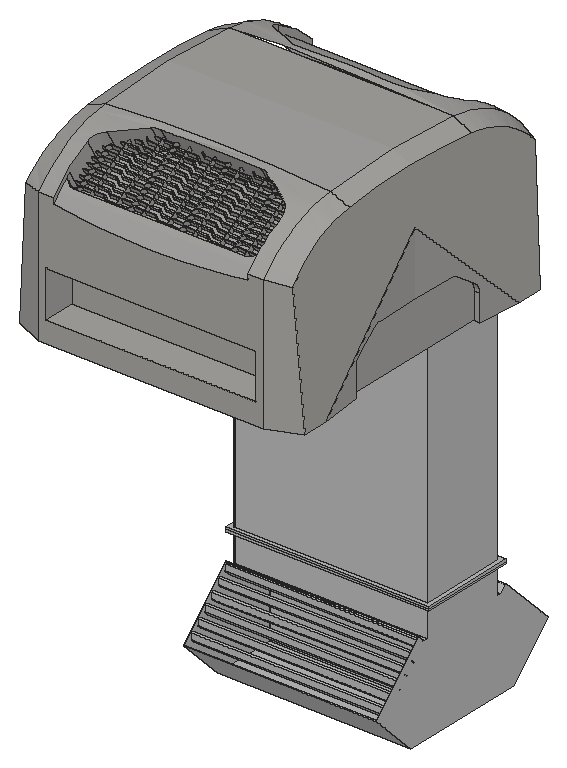
Revit family "OXeN X2-W-1.2-H podstropní_RFA2018", category Mechanical Equipment, host Face, Revit 2018
Family settings
  Host = Face
  Round Connector Dimension = Use Diameter
  Part Type = Normal
  Cut with Voids When Loaded = No
  Shared = No
  Room Calculation Point = No
Parameters (values of type "X2-W-1.2-H")
  Weight of unit filled with water = 73.40 kg
  Weight of unit = 72.60 kg
  Water stream flow in the heat exchanger = 0 L/s
  Water pressure drop in the heat exchanger = 0 kPa
  URL = "www.hydronic.cz"
  Type Comments = "podstropní instalace; výměník PN16; twmax=95°C; regulace vzduchového výkonu - spojitá 0-100%; filtr =EU4; IP42; vertikální neizotermický (dt=5K) dosah pro koncovou rychlost 0,2m/s =max.4,5m"
  Thickness of the ceiling [instance] = 370.00 mm
  Product data = ""
  Power supply = 230 V
  Power ratio = 0.98
  Outlet water temperature (Tw2) = 0 °C
  Outlet air temperature (Tp2) = 0 °C
  Max. current consumption = 1.9 A
  Material = FLOWAIR-EPP-Gray
  Manufacturer = "Hydronic Systems Prague s.r.o."
  Load classification = Motor
  Keynote = ""
  Inlet water temperature (Tw1) = 0 °C
  Inlet air temperature (Tp1) = 0 °C
  Heating capacity = 0 kW
  Distance from the ceiling [instance] = 100.00 mm
  Description = "Bezkanálová větrací jednotka s rekuperací"
  Model = "OXeN X2-W-1.2-H"
  IP = "42"
  Default Elevation = 0.00 mm
  Connection = 1/2"
  Author = ""
  Assembly Code = "30032; podstropní; s teplovodním dohřevem - P=10kW při 80/60/5; (Qmax=1200m3/h při 100% vzduchovém výkonu a dpext=0Pa);"
  Apparent power = Power supply * Max. current consumption  # 437 VA
  Air flow = 1200 m³/h
Reference planes
  plane 1 "Środek (Przód/Tył)": y = 0
  plane 2: z = 0
  plane 3 "Środek (Lewa/Prawa)": x = 0
  plane 4: z = -370
  plane 5: y = 1127.769
  plane 6: z = 100
  plane 7: z = 20
  plane 8: z = -980
Forms (mm)
  Extrusion 1, void
    sketch origin (0, 0, 0) x (0, 1, 0) y (0, 0, 1)
      loop
        line (1332.769, 0) -> (922.769, 0) -> (922.769, -370) -> (1332.769, -370) -> (1332.769, 0)
    from 422.5 to -422.5
Dimensions and locks
  "Thickness of the ceiling": level to plane 4
  "Distance from the ceiling": plane 6 to level
  locked: plane 6 to plane 7 at 80
  locked: plane 8 to plane 7 at 1000
  aligned and locked: plane 2 to host face
  aligned and locked: level to host face
  aligned and locked: Extrusion 1 sketch curve to level
  aligned and locked: plane 4 to Extrusion 1 sketch curve
  aligned and locked: plane 3 "Środek (Lewa/Prawa)" to nested 2
  aligned and locked: nested 2 to plane 5
  aligned and locked: nested 3 to plane 5
  aligned and locked: plane 3 "Środek (Lewa/Prawa)" to nested 3
  aligned and locked: plane 6 to nested 3
  aligned and locked: nested 2 to plane 7
  aligned and locked: nested 4 to plane 8
  aligned and locked: nested 4 to plane 5
  aligned and locked: plane 3 "Środek (Lewa/Prawa)" to nested 4
Automatic sketch dimensions
  host sketch curve to host sketch curve = 2438.40 mm
  host sketch curve to host sketch curve = 1900.00 mm
  Extrusion 1 sketch curve to plane 1 "Środek (Przód/Tył)" = 922.769 mm
  Extrusion 1 sketch curve to Extrusion 1 sketch curve = 410.00 mm
Nested families
  nested 1: "OXeN" at (0, 0, 100), built-in parameter 1001364 <- "Distance from the ceiling", type "OXeN"
  nested 2: "FLOWAIR OxE-H" at (0, 1127.769, -980), type "OxE-H"
  nested 3: "FLOWAIR OxC2-H" at (0, 1127.769, 20), type "OxC2-H"
  nested 4: "FLOWAIR OxS-H" at (0, 1127.769, -980), type "OxS-H"
Connectors
  piping at (495, 239, 353), diameter 12.7, driven by "Connection", driven by "Water stream flow in the heat exchanger", driven by "Water pressure drop in the heat exchanger"
    settings: on nested 1, index 6, connector inside diameter 24", connector length 0.00 mm, flow factor 0, pipe flow 0 L/s, pressure drop 0 kPa, fitting loss kfactor 0, connector angle 0.00°, fixture units 0, engagement length 0.00 mm, angle of deflection 0.00°, flow configuration 1, flow direction 2, fitting loss method 4, system type 8, joint type 0, gender type 0, connector reference index -1, connector utility 0, adjustable connector no, is connector primary no, connector description ""
  piping at (480, 189, 378), diameter 12.7, driven by "Connection", driven by "Water stream flow in the heat exchanger", driven by "Water pressure drop in the heat exchanger"
    settings: on nested 1, index 7, connector inside diameter 24", connector length 0.00 mm, flow factor 0, pipe flow 0 L/s, pressure drop 0 kPa, fitting loss kfactor 0, connector angle 0.00°, fixture units 0, engagement length 0.00 mm, angle of deflection 0.00°, flow configuration 1, flow direction 1, fitting loss method 4, system type 7, joint type 0, gender type 0, connector reference index -1, connector utility 0, adjustable connector no, is connector primary yes, connector description ""
  electrical at (0, 684.634, 100), driven by "Power supply", driven by "Apparent power", driven by "Power ratio", driven by "Load classification"
    settings: on nested 1, index 8, voltage 230 V, apparent load 437 VA, apparent load phase1 0 VA, apparent load phase2 0 VA, apparent load phase3 0 VA, power factor 0.98, load classification "Motor", number of poles 1, system type 30, power factor state 1, is connector primary yes, connector utility no, sub classification motor no, connector description ""
  electrical at (545, 684.634, 241.254)
    settings: on nested 1, index 9, voltage 0 V, apparent load 0 VA, apparent load phase1 0 VA, apparent load phase2 0 VA, apparent load phase3 0 VA, power factor 1, load classification "Inne", number of poles 1, system type 13, power factor state 1, is connector primary no, connector utility no, sub classification motor no, connector description ""
Definition of nested family "OXeN"
  Parameters
    materiał = none
  Reference planes
    plane 1 "Środek (Przód/Tył)": y = 0
    plane 2: z = 0
    plane 3 "Środek (Lewa/Prawa)": x = 0
    plane 4: y = 684.634
    plane 5: through (0, 340, 716.901) normal (0, -0.5, 0.866)
  Forms (mm)
    Sweep 1, solid, material <- "materiał", detail levels fine
      path origin (0, 0, 0) x (0, 1, 0) y (0, 0, 1)
        loop
          line (1369.269, 0) -> (1369.269, 562.087)
          arc (1369.269, 562.087) -> (1205.496, 690.06) -> (1006.547, 750.205) r 565.368
          arc (1006.547, 750.205) -> (684.634, 767.72) -> (362.722, 750.205) r 2966.958
          arc (362.722, 750.205) -> (163.772, 690.06) -> (0, 562.087) r 565.368
          line (0, 562.087) -> (0, 0)
      profile origin (0, 1369.269, 281.043) x (0, -1, 0) y (1, 0, 0)
        loop
          line (20, -465) -> (159.403, -465) -> (159.403, 465) -> (20, 465)
          arc (20, 465) -> (0, 0) -> (20, -465) r 5415.625
    Sweep 2, solid, material <- "materiał", detail levels fine
      path origin (0, 0, 0) x (0, 1, 0) y (0, 0, 1)
        loop
          line (1369.269, 0) -> (1369.269, 514.96)
          arc (1369.269, 514.96) -> (1207.249, 655.027) -> (1003.292, 720.382) r 535.368
          arc (1003.292, 720.382) -> (684.634, 737.72) -> (365.977, 720.382) r 2936.958
          arc (365.977, 720.382) -> (162.02, 655.027) -> (0, 514.96) r 535.368
          line (0, 514.96) -> (0, 0)
      profile origin (0, 1369.269, 257.48) x (0, -1, 0) y (1, 0, 0)
        loop
          line (20, -465) -> (159.403, -465) -> (159.403, 465) -> (20, 465)
          arc (20, 465) -> (0, 0) -> (20, -465) r 5415.625
    Extrusion 3, void
      sketch origin (0, 0, 0) x (1, 0, 0) y (0, 1, 0)
        loop
          arc (207.827, 1029.269) -> (224.356, 1031.476) -> (239.726, 1037.942) r 63
          line (239.726, 1037.942) -> (367.198, 1112.79)
          arc (367.198, 1112.79) -> (392.866, 1138.741) -> (402.248, 1174.016) r 71
          line (402.248, 1174.016) -> (402.248, 1377.626) -> (-402.248, 1377.626) -> (-402.248, 1174.016)
          arc (-402.248, 1174.016) -> (-392.866, 1138.741) -> (-367.198, 1112.79) r 71
          line (-367.198, 1112.79) -> (-239.726, 1037.942)
          arc (-239.726, 1037.942) -> (-224.356, 1031.476) -> (-207.827, 1029.269) r 63
          line (-207.827, 1029.269) -> (207.827, 1029.269)
      from 490.327 to 774.857
    Extrusion 4, solid, material <- "materiał", detail levels fine
      sketch origin (0, 0, 0) x (0, 1, 0) y (0, 0, 1)
        loop
          arc (1209.866, 455.203) -> (1106.984, 527.552) -> (985.997, 561.92) r 375.966
          arc (985.997, 561.92) -> (684.634, 578.317) -> (383.272, 561.92) r 2777.556
          arc (383.272, 561.92) -> (262.285, 527.552) -> (159.403, 455.203) r 375.966
          line (159.403, 455.203) -> (159.403, 0) -> (1209.866, 0) -> (1209.866, 455.203)
      from -465 to 465
    Blend 5, solid, material <- "materiał", detail levels fine
      base sketch origin (0, 0, 0) x (0, 1, 0) y (0, 0, 1)
        loop
          arc (1004.377, 730.323) -> (684.634, 747.72) -> (364.892, 730.323) r 2946.958
          arc (364.892, 730.323) -> (176.315, 674.021) -> (20, 554.451) r 545.368
          line (20, 554.451) -> (20, 0) -> (1349.269, 0) -> (1349.269, 554.451)
          arc (1349.269, 554.451) -> (1192.954, 674.021) -> (1004.377, 730.323) r 545.368
      top sketch origin (0, 0, 0) x (0, 1, 0) y (0, 0, 1)
        loop
          line (1294.269, 0) -> (1294.269, 532.58)
          arc (1294.269, 532.58) -> (1158.681, 629.636) -> (998.409, 675.647) r 490.368
          arc (998.409, 675.647) -> (684.634, 692.72) -> (370.86, 675.647) r 2891.958
          arc (370.86, 675.647) -> (210.588, 629.636) -> (75, 532.58) r 490.368
          line (75, 532.58) -> (75, 0) -> (1294.269, 0)
      from 465 to 589
    Blend 6, solid, material <- "materiał", detail levels fine
      base sketch origin (0, 0, 0) x (0, 1, 0) y (0, 0, -1)
        loop
          arc (1004.377, -730.323) -> (1192.954, -674.021) -> (1349.269, -554.451) r 545.368
          line (1349.269, -554.451) -> (1349.269, 0) -> (20, 0) -> (20, -554.451)
          arc (20, -554.451) -> (176.315, -674.021) -> (364.892, -730.323) r 545.368
          arc (364.892, -730.323) -> (684.634, -747.72) -> (1004.377, -730.323) r 2946.958
      top sketch origin (0, 0, 0) x (0, 1, 0) y (0, 0, -1)
        loop
          line (1294.269, 0) -> (75, 0) -> (75, -532.58)
          arc (75, -532.58) -> (210.588, -629.636) -> (370.86, -675.647) r 490.368
          arc (370.86, -675.647) -> (684.634, -692.72) -> (998.409, -675.647) r 2891.958
          arc (998.409, -675.647) -> (1158.681, -629.636) -> (1294.269, -532.58) r 490.368
          line (1294.269, -532.58) -> (1294.269, 0)
      from 465 to 589
    Blend 7, solid, material <- "materiał", detail levels medium
      base sketch origin (0, 0, 0) x (0, 1, 0) y (0, 0, -1)
        loop
          arc (1004.377, -730.323) -> (1192.954, -674.021) -> (1349.269, -554.451) r 545.368
          line (1349.269, -554.451) -> (1349.269, 0) -> (20, 0) -> (20, -554.451)
          arc (20, -554.451) -> (176.315, -674.021) -> (364.892, -730.323) r 545.368
          arc (364.892, -730.323) -> (684.634, -747.72) -> (1004.377, -730.323) r 2946.958
      top sketch origin (0, 0, 0) x (0, 1, 0) y (0, 0, -1)
        loop
          line (1294.269, 0) -> (75, 0) -> (75, -532.58)
          arc (75, -532.58) -> (210.588, -629.636) -> (370.86, -675.647) r 490.368
          arc (370.86, -675.647) -> (684.634, -692.72) -> (998.409, -675.647) r 2891.958
          arc (998.409, -675.647) -> (1158.681, -629.636) -> (1294.269, -532.58) r 490.368
          line (1294.269, -532.58) -> (1294.269, 0)
      from 465 to 589
    Blend 8, solid, material <- "materiał", detail levels medium
      base sketch origin (0, 0, 0) x (0, 1, 0) y (0, 0, 1)
        loop
          arc (1004.377, 730.323) -> (684.634, 747.72) -> (364.892, 730.323) r 2946.958
          arc (364.892, 730.323) -> (176.315, 674.021) -> (20, 554.451) r 545.368
          line (20, 554.451) -> (20, 0) -> (1349.269, 0) -> (1349.269, 554.451)
          arc (1349.269, 554.451) -> (1192.954, 674.021) -> (1004.377, 730.323) r 545.368
      top sketch origin (0, 0, 0) x (0, 1, 0) y (0, 0, 1)
        loop
          line (1294.269, 0) -> (1294.269, 532.58)
          arc (1294.269, 532.58) -> (1158.681, 629.636) -> (998.409, 675.647) r 490.368
          arc (998.409, 675.647) -> (684.634, 692.72) -> (370.86, 675.647) r 2891.958
          arc (370.86, 675.647) -> (210.588, 629.636) -> (75, 532.58) r 490.368
          line (75, 532.58) -> (75, 0) -> (1294.269, 0)
      from 465 to 589
    Extrusion 9, void
      sketch origin (0, 0, 0) x (1, 0, 0) y (0, 0, 1)
        loop
          line (-589, 0) -> (-536.635, 775) -> (-589, 775) -> (-589, 0)
      from 0 to -1374.955
    Extrusion 10, void
      sketch origin (0, 0, 0) x (-1, 0, 0) y (0, 0, -1)
        loop
          line (-589, 0) -> (-589, -775) -> (-536.635, -775) -> (-589, 0)
      from 0 to -1374.955
    Extrusion 11, void
      sketch origin (0, 0, 0) x (1, 0, 0) y (0, 1, 0)
        loop
          arc (-589, 183.209) -> (-556, 684.634) -> (-589, 1186.059) r 3826
          line (-589, 1186.059) -> (-589, 183.209)
      from 0 to 801.676
    Extrusion 12, void
      sketch origin (0, 0, 0) x (-1, 0, 0) y (0, -1, 0)
        loop
          line (-589, -183.209) -> (-589, -1186.059)
          arc (-589, -1186.059) -> (-556, -684.634) -> (-589, -183.209) r 3826
      from 0 to 801.676
    Extrusion 13, void
      sketch origin (0, 0, 0) x (0, 1, 0) y (0, 0, 1)
        loop
          line (362.983, 0) -> (1006.285, 0) -> (1006.285, 108.958)
          arc (1006.285, 108.958) -> (999.442, 136.785) -> (980.474, 158.264) r 60
          line (980.474, 158.264) -> (899.838, 214.177)
          arc (899.838, 214.177) -> (883.561, 222.135) -> (865.65, 224.871) r 60
          line (865.65, 224.871) -> (503.619, 224.871)
          arc (503.619, 224.871) -> (485.708, 222.135) -> (469.43, 214.177) r 60
          line (469.43, 214.177) -> (388.795, 158.264)
          arc (388.795, 158.264) -> (369.826, 136.785) -> (362.983, 108.958) r 60
          line (362.983, 108.958) -> (362.983, 0)
      from -589 to -545
    Extrusion 14, void
      sketch origin (0, 0, 0) x (0, 1, 0) y (0, 0, -1)
        loop
          line (362.983, 0) -> (362.983, -108.958)
          arc (362.983, -108.958) -> (369.826, -136.785) -> (388.795, -158.264) r 60
          line (388.795, -158.264) -> (469.43, -214.177)
          arc (469.43, -214.177) -> (485.708, -222.135) -> (503.619, -224.871) r 60
          line (503.619, -224.871) -> (865.65, -224.871)
          arc (865.65, -224.871) -> (883.561, -222.135) -> (899.838, -214.177) r 60
          line (899.838, -214.177) -> (980.474, -158.264)
          arc (980.474, -158.264) -> (999.442, -136.785) -> (1006.285, -108.958) r 60
          line (1006.285, -108.958) -> (1006.285, 0) -> (362.983, 0)
      from -589 to -545
    Sweep 15, solid, material <- "materiał", detail levels medium
      path origin (0, 0, 0) x (0, 1, 0) y (0, 0, 1)
        loop
          line (1369.269, 0) -> (1369.269, 562.087)
          arc (1369.269, 562.087) -> (1205.496, 690.06) -> (1006.547, 750.205) r 565.368
          arc (1006.547, 750.205) -> (684.634, 767.72) -> (362.722, 750.205) r 2966.958
          arc (362.722, 750.205) -> (163.772, 690.06) -> (0, 562.087) r 565.368
          line (0, 562.087) -> (0, 0)
      profile origin (0, 1369.269, 281.043) x (0, -1, 0) y (1, 0, 0)
        loop
          line (20, -465) -> (264.634, -465) -> (264.634, 465) -> (20, 465)
          arc (20, 465) -> (0, 0) -> (20, -465) r 5415.625
    Extrusion 16, solid, material <- "materiał", detail levels medium
      sketch origin (0, 0, 0) x (0, 1, 0) y (0, 0, 1)
        loop
          arc (1104.634, 443.17) -> (1043.718, 472.315) -> (977.834, 487.132) r 300.734
          arc (977.834, 487.132) -> (684.634, 503.085) -> (391.435, 487.132) r 2702.324
          arc (391.435, 487.132) -> (325.551, 472.315) -> (264.634, 443.17) r 300.734
          line (264.634, 443.17) -> (264.634, 0) -> (1104.634, 0) -> (1104.634, 443.17)
      from -465 to 465
    Extrusion 17, solid, material <- "materiał", detail levels coarse
      sketch origin (0, 0, 0) x (0, 1, 0) y (0, 0, 1)
        loop
          line (1369.269, 0) -> (1369.269, 562.087)
          arc (1369.269, 562.087) -> (1205.496, 690.06) -> (1006.547, 750.205) r 565.368
          arc (1006.547, 750.205) -> (684.634, 767.72) -> (362.722, 750.205) r 2966.958
          arc (362.722, 750.205) -> (163.772, 690.06) -> (0, 562.087) r 565.368
          line (0, 562.087) -> (0, 0) -> (1369.269, 0)
      from -589 to 589
    Extrusion 18, void
      sketch origin (0, 0, 0) x (0, 1, 0) y (0, 0, 1)
        loop
          line (-35, 92) -> (150, 92) -> (150, 282) -> (-35, 282) -> (-35, 92)
      from -435 to 435
    Extrusion 19, solid, not visible
      sketch origin (0, 0, 0) x (1, 0, 0) y (0, 1, 0)
        loop
          circle (480, 189) r 8
      from 278 to 376
    Extrusion 20, solid, not visible
      sketch origin (0, 0, 0) x (1, 0, 0) y (0, 1, 0)
        loop
          circle (495, 239) r 8
      from 253 to 376
    Extrusion 21, void
      sketch origin (0, 340, 716.901) x (0, 0.866025, 0.5) y (-1, 0, 0)
        loop
          arc (0, 207.827) -> (-2.207, 224.356) -> (-8.673, 239.726) r 63
          line (-8.673, 239.726) -> (-83.521, 367.198)
          arc (-83.521, 367.198) -> (-109.472, 392.866) -> (-144.747, 402.248) r 71
          line (-144.747, 402.248) -> (-261.299, 402.248)
          arc (-261.299, 402.248) -> (-276.188, 399.025) -> (-288.411, 389.933) r 36
          line (-288.411, 389.933) -> (-300.148, 376.497)
          arc (-300.148, 376.497) -> (-305.31, 368.081) -> (-307.168, 358.385) r 27.506
          line (-307.168, 358.385) -> (-307.168, -358.385)
          arc (-307.168, -358.385) -> (-305.31, -368.081) -> (-300.148, -376.497) r 27.506
          line (-300.148, -376.497) -> (-288.411, -389.933)
          arc (-288.411, -389.933) -> (-276.188, -399.025) -> (-261.299, -402.248) r 36
          line (-261.299, -402.248) -> (-144.747, -402.248)
          arc (-144.747, -402.248) -> (-109.472, -392.866) -> (-83.521, -367.198) r 71
          line (-83.521, -367.198) -> (-8.673, -239.726)
          arc (-8.673, -239.726) -> (-2.207, -224.356) -> (0, -207.827) r 63
          line (0, -207.827) -> (0, 207.827)
      from -100 to 100
    Extrusion 22, solid, material <- "materiał", detail levels fine
      sketch origin (0, 340, 716.901) x (0, 0.866025, 0.5) y (-1, 0, 0)
        loop
          line (-236.262, -383.565) -> (-236.262, -402.248) -> (-233.262, -402.248) -> (-233.262, -384.96) -> (-218.262, -369.97) -> (-218.262, -324.043) -> (-196.262, -324.043) -> (-196.262, -368.757) -> (-211.262, -383.565) -> (-211.262, -402.248) -> (-208.262, -402.248) -> (-208.262, -384.96) -> (-193.262, -369.97) -> (-193.262, -324.043) -> (-171.262, -324.043) -> (-171.262, -368.757) -> (-186.262, -383.565) -> (-186.262, -402.248) -> (-183.262, -402.248) -> (-183.262, -384.96) -> (-168.262, -369.97) -> (-168.262, -324.043) -> (-146.262, -324.043) -> (-146.262, -368.757) -> (-161.262, -383.565) -> (-161.262, -402.248) -> (-158.262, -402.248) -> (-158.262, -384.96) -> (-143.262, -369.97) -> (-143.262, -324.043) -> (-121.262, -324.043) -> (-121.262, -368.757) -> (-136.262, -383.565) -> (-136.262, -401.74)
          arc (-136.262, -401.74) -> (-134.76, -401.542) -> (-133.262, -401.313) r 71
          line (-133.262, -401.313) -> (-133.262, -384.96) -> (-118.262, -369.97) -> (-118.262, -324.043) -> (-96.262, -324.043) -> (-96.262, -368.757) -> (-111.262, -383.565) -> (-111.262, -393.856)
          arc (-111.262, -393.856) -> (-109.752, -393.025) -> (-108.262, -392.157) r 71
          line (-108.262, -392.157) -> (-108.262, -384.96) -> (-93.262, -369.97) -> (-93.262, -324.043) -> (-71.262, -324.043) -> (-71.262, -346.32) -> (-68.262, -341.211) -> (-68.262, -324.043) -> (-58.182, -324.043) -> (-57.007, -322.043) -> (-68.262, -322.043) -> (-68.262, -276.117) -> (-83.262, -261.127) -> (-83.262, -217.918) -> (-61.262, -217.918) -> (-61.262, -262.522) -> (-46.262, -277.33) -> (-46.262, -303.743) -> (-43.262, -298.634) -> (-43.262, -276.117) -> (-58.262, -261.127) -> (-58.262, -217.918) -> (-36.262, -217.918) -> (-36.262, -262.522) -> (-27.27, -271.398) -> (-25.685, -268.699) -> (-33.262, -261.127) -> (-33.262, -217.918) -> (-11.262, -217.918) -> (-11.262, -244.135) -> (-8.262, -239.026) -> (-8.262, -217.918) -> (-0.814, -217.918)
          arc (-0.814, -217.918) -> (-0.561, -216.209) -> (-0.354, -214.493) r 63
          line (-0.354, -214.493) -> (-8.262, -214.493) -> (-8.262, -171.284) -> (0, -163.028) -> (0, -158.771) -> (-11.262, -169.889) -> (-11.262, -214.493) -> (-33.262, -214.493) -> (-33.262, -171.284) -> (-18.262, -156.294) -> (-18.262, -110.368) -> (0, -110.368) -> (0, -108.368) -> (-18.262, -108.368) -> (-18.262, -62.441) -> (-33.262, -47.451) -> (-33.262, -1.625) -> (-11.262, -1.625) -> (-11.262, -48.846) -> (0, -59.964) -> (0, -55.708) -> (-8.262, -47.451) -> (-8.262, -1.625) -> (0, -1.625) -> (0, 1.625) -> (-8.262, 1.625) -> (-8.262, 42.216) -> (0, 50.473) -> (0, 54.729) -> (-11.262, 43.612) -> (-11.262, 1.625) -> (-33.262, 1.625) -> (-33.262, 42.216) -> (-18.262, 57.206) -> (-18.262, 103.133) -> (0, 103.133) -> (0, 105.133) -> (-18.262, 105.133) -> (-18.262, 151.06) -> (-33.262, 166.05) -> (-33.262, 209.258) -> (-11.262, 209.258) -> (-11.262, 164.654) -> (0, 153.537) -> (0, 157.793) -> (-8.262, 166.05) -> (-8.262, 209.258) -> (-0.017, 209.258)
          arc (-0.017, 209.258) -> (-0.075, 210.884) -> (-0.175, 212.509) r 63
          line (-0.175, 212.509) -> (-8.262, 212.509) -> (-8.262, 239.026) -> (-11.262, 244.135) -> (-11.262, 212.509) -> (-33.262, 212.509) -> (-33.262, 255.717) -> (-23.683, 265.29) -> (-25.26, 267.974) -> (-36.262, 257.112) -> (-36.262, 212.509) -> (-58.262, 212.509) -> (-58.262, 255.717) -> (-43.262, 270.707) -> (-43.262, 298.634) -> (-46.262, 303.743) -> (-46.262, 271.92) -> (-61.262, 257.112) -> (-61.262, 212.509) -> (-83.262, 212.509) -> (-83.262, 255.717) -> (-68.262, 270.707) -> (-68.262, 316.634) -> (-53.831, 316.634) -> (-55.005, 318.634) -> (-68.262, 318.634) -> (-68.262, 341.211) -> (-71.262, 346.32) -> (-71.262, 318.634) -> (-93.262, 318.634) -> (-93.262, 364.56) -> (-108.262, 379.55) -> (-108.262, 392.157)
          arc (-108.262, 392.157) -> (-109.752, 393.025) -> (-111.262, 393.856) r 71
          line (-111.262, 393.856) -> (-111.262, 378.155) -> (-96.262, 363.348) -> (-96.262, 318.634) -> (-118.262, 318.634) -> (-118.262, 364.56) -> (-133.262, 379.55) -> (-133.262, 401.313)
          arc (-133.262, 401.313) -> (-134.76, 401.542) -> (-136.262, 401.74) r 71
          line (-136.262, 401.74) -> (-136.262, 378.155) -> (-121.262, 363.348) -> (-121.262, 318.634) -> (-143.262, 318.634) -> (-143.262, 364.56) -> (-158.262, 379.55) -> (-158.262, 402.248) -> (-161.262, 402.248) -> (-161.262, 378.155) -> (-146.262, 363.348) -> (-146.262, 318.634) -> (-168.262, 318.634) -> (-168.262, 364.56) -> (-183.262, 379.55) -> (-183.262, 402.248) -> (-186.262, 402.248) -> (-186.262, 378.155) -> (-171.262, 363.348) -> (-171.262, 318.634) -> (-193.262, 318.634) -> (-193.262, 364.56) -> (-208.262, 379.55) -> (-208.262, 402.248) -> (-211.262, 402.248) -> (-211.262, 378.155) -> (-196.262, 363.348) -> (-196.262, 318.634) -> (-218.262, 318.634) -> (-218.262, 364.56) -> (-233.262, 379.55) -> (-233.262, 402.248) -> (-236.262, 402.248) -> (-236.262, 378.155) -> (-221.262, 363.348) -> (-221.262, 318.634) -> (-243.262, 318.634) -> (-243.262, 364.56) -> (-258.262, 379.55) -> (-258.262, 402.248) -> (-261.262, 402.248) -> (-261.262, 378.155) -> (-246.262, 363.348) -> (-246.262, 318.634) -> (-268.262, 318.634) -> (-268.262, 364.56) -> (-283.262, 379.55) -> (-283.262, 394.772)
          arc (-283.262, 394.772) -> (-284.798, 393.521) -> (-286.262, 392.187) r 36
          line (-286.262, 392.187) -> (-286.262, 378.155) -> (-271.262, 363.348) -> (-271.262, 318.634) -> (-293.262, 318.634) -> (-293.262, 364.56) -> (-302.371, 373.663)
          arc (-302.371, 373.663) -> (-303.219, 372.343) -> (-303.99, 370.977) r 27.506
          line (-303.99, 370.977) -> (-296.262, 363.348) -> (-296.262, 318.634) -> (-307.168, 318.634) -> (-307.168, 316.634) -> (-296.262, 316.634) -> (-296.262, 271.92) -> (-307.168, 261.154) -> (-307.168, 256.811) -> (-293.262, 270.707) -> (-293.262, 316.634) -> (-271.262, 316.634) -> (-271.262, 271.92) -> (-286.262, 257.112) -> (-286.262, 212.509) -> (-307.168, 212.509) -> (-307.168, 209.258) -> (-286.262, 209.258) -> (-286.262, 164.654) -> (-271.262, 149.847) -> (-271.262, 105.133) -> (-293.262, 105.133) -> (-293.262, 151.06) -> (-307.168, 164.956) -> (-307.168, 160.613) -> (-296.262, 149.847) -> (-296.262, 105.133) -> (-307.168, 105.133) -> (-307.168, 103.133) -> (-296.262, 103.133) -> (-296.262, 58.419) -> (-307.168, 47.653) -> (-307.168, 43.31) -> (-293.262, 57.206) -> (-293.262, 103.133) -> (-271.262, 103.133) -> (-271.262, 58.419) -> (-286.262, 43.612) -> (-286.262, 1.625) -> (-307.168, 1.625) -> (-307.168, -1.625) -> (-286.262, -1.625) -> (-286.262, -48.846) -> (-271.262, -63.654) -> (-271.262, -108.368) -> (-293.262, -108.368) -> (-293.262, -62.441) -> (-307.168, -48.545) -> (-307.168, -52.888) -> (-296.262, -63.654) -> (-296.262, -108.368) -> (-307.168, -108.368) -> (-307.168, -110.368) -> (-296.262, -110.368) -> (-296.262, -155.082) -> (-307.168, -165.847) -> (-307.168, -170.191) -> (-293.262, -156.294) -> (-293.262, -110.368) -> (-271.262, -110.368) -> (-271.262, -155.082) -> (-286.262, -169.889) -> (-286.262, -214.493) -> (-307.168, -214.493) -> (-307.168, -217.918) -> (-286.262, -217.918) -> (-286.262, -262.522) -> (-271.262, -277.33) -> (-271.262, -322.043) -> (-293.262, -322.043) -> (-293.262, -276.117) -> (-307.168, -262.22) -> (-307.168, -266.564) -> (-296.262, -277.33) -> (-296.262, -322.043) -> (-307.168, -322.043) -> (-307.168, -324.043) -> (-296.262, -324.043) -> (-296.262, -368.757) -> (-301.903, -374.326)
          arc (-301.903, -374.326) -> (-300.974, -375.531) -> (-299.98, -376.683) r 27.506
          line (-299.98, -376.683) -> (-293.262, -369.97) -> (-293.262, -324.043) -> (-271.262, -324.043) -> (-271.262, -368.757) -> (-286.262, -383.565) -> (-286.262, -392.187)
          arc (-286.262, -392.187) -> (-284.798, -393.521) -> (-283.262, -394.772) r 36
          line (-283.262, -394.772) -> (-283.262, -384.96) -> (-268.262, -369.97) -> (-268.262, -324.043) -> (-246.262, -324.043) -> (-246.262, -368.757) -> (-261.262, -383.565) -> (-261.262, -402.248) -> (-258.262, -402.248) -> (-258.262, -384.96) -> (-243.262, -369.97) -> (-243.262, -324.043) -> (-221.262, -324.043) -> (-221.262, -368.757) -> (-236.262, -383.565)
        loop
          line (-221.262, -322.043) -> (-221.262, -277.33) -> (-236.262, -262.522) -> (-236.262, -217.918) -> (-258.262, -217.918) -> (-258.262, -261.127) -> (-243.262, -276.117) -> (-243.262, -322.043) -> (-221.262, -322.043)
        loop
          line (-233.262, -217.918) -> (-233.262, -261.127) -> (-218.262, -276.117) -> (-218.262, -322.043) -> (-196.262, -322.043) -> (-196.262, -277.33) -> (-211.262, -262.522) -> (-211.262, -217.918) -> (-233.262, -217.918)
        loop
          line (-236.262, -169.889) -> (-221.262, -155.082) -> (-221.262, -110.368) -> (-243.262, -110.368) -> (-243.262, -156.294) -> (-258.262, -171.284) -> (-258.262, -214.493) -> (-236.262, -214.493) -> (-236.262, -169.889)
        loop
          line (-218.262, -110.368) -> (-218.262, -156.294) -> (-233.262, -171.284) -> (-233.262, -214.493) -> (-211.262, -214.493) -> (-211.262, -169.889) -> (-196.262, -155.082) -> (-196.262, -110.368) -> (-218.262, -110.368)
        loop
          line (-221.262, -108.368) -> (-221.262, -63.654) -> (-236.262, -48.846) -> (-236.262, -1.625) -> (-258.262, -1.625) -> (-258.262, -47.451) -> (-243.262, -62.441) -> (-243.262, -108.368) -> (-221.262, -108.368)
        loop
          line (-233.262, -1.625) -> (-233.262, -47.451) -> (-218.262, -62.441) -> (-218.262, -108.368) -> (-196.262, -108.368) -> (-196.262, -63.654) -> (-211.262, -48.846) -> (-211.262, -1.625) -> (-233.262, -1.625)
        loop
          line (-236.262, 43.612) -> (-221.262, 58.419) -> (-221.262, 103.133) -> (-243.262, 103.133) -> (-243.262, 57.206) -> (-258.262, 42.216) -> (-258.262, 1.625) -> (-236.262, 1.625) -> (-236.262, 43.612)
        loop
          line (-218.262, 103.133) -> (-218.262, 57.206) -> (-233.262, 42.216) -> (-233.262, 1.625) -> (-211.262, 1.625) -> (-211.262, 43.612) -> (-196.262, 58.419) -> (-196.262, 103.133) -> (-218.262, 103.133)
        loop
          line (-221.262, 105.133) -> (-221.262, 149.847) -> (-236.262, 164.654) -> (-236.262, 209.258) -> (-258.262, 209.258) -> (-258.262, 166.05) -> (-243.262, 151.06) -> (-243.262, 105.133) -> (-221.262, 105.133)
        loop
          line (-233.262, 209.258) -> (-233.262, 166.05) -> (-218.262, 151.06) -> (-218.262, 105.133) -> (-196.262, 105.133) -> (-196.262, 149.847) -> (-211.262, 164.654) -> (-211.262, 209.258) -> (-233.262, 209.258)
        loop
          line (-236.262, 257.112) -> (-221.262, 271.92) -> (-221.262, 316.634) -> (-243.262, 316.634) -> (-243.262, 270.707) -> (-258.262, 255.717) -> (-258.262, 212.509) -> (-236.262, 212.509) -> (-236.262, 257.112)
        loop
          line (-218.262, 316.634) -> (-218.262, 270.707) -> (-233.262, 255.717) -> (-233.262, 212.509) -> (-211.262, 212.509) -> (-211.262, 257.112) -> (-196.262, 271.92) -> (-196.262, 316.634) -> (-218.262, 316.634)
        loop
          line (-246.262, -322.043) -> (-246.262, -277.33) -> (-261.262, -262.522) -> (-261.262, -217.918) -> (-283.262, -217.918) -> (-283.262, -261.127) -> (-268.262, -276.117) -> (-268.262, -322.043) -> (-246.262, -322.043)
        loop
          line (-261.262, -169.889) -> (-246.262, -155.082) -> (-246.262, -110.368) -> (-268.262, -110.368) -> (-268.262, -156.294) -> (-283.262, -171.284) -> (-283.262, -214.493) -> (-261.262, -214.493) -> (-261.262, -169.889)
        loop
          line (-246.262, -108.368) -> (-246.262, -63.654) -> (-261.262, -48.846) -> (-261.262, -1.625) -> (-283.262, -1.625) -> (-283.262, -47.451) -> (-268.262, -62.441) -> (-268.262, -108.368) -> (-246.262, -108.368)
        loop
          line (-261.262, 43.612) -> (-246.262, 58.419) -> (-246.262, 103.133) -> (-268.262, 103.133) -> (-268.262, 57.206) -> (-283.262, 42.216) -> (-283.262, 1.625) -> (-261.262, 1.625) -> (-261.262, 43.612)
        loop
          line (-246.262, 105.133) -> (-246.262, 149.847) -> (-261.262, 164.654) -> (-261.262, 209.258) -> (-283.262, 209.258) -> (-283.262, 166.05) -> (-268.262, 151.06) -> (-268.262, 105.133) -> (-246.262, 105.133)
        loop
          line (-261.262, 257.112) -> (-246.262, 271.92) -> (-246.262, 316.634) -> (-268.262, 316.634) -> (-268.262, 270.707) -> (-283.262, 255.717) -> (-283.262, 212.509) -> (-261.262, 212.509) -> (-261.262, 257.112)
        loop
          line (-208.262, -217.918) -> (-208.262, -261.127) -> (-193.262, -276.117) -> (-193.262, -322.043) -> (-171.262, -322.043) -> (-171.262, -277.33) -> (-186.262, -262.522) -> (-186.262, -217.918) -> (-208.262, -217.918)
        loop
          line (-193.262, -110.368) -> (-193.262, -156.294) -> (-208.262, -171.284) -> (-208.262, -214.493) -> (-186.262, -214.493) -> (-186.262, -169.889) -> (-171.262, -155.082) -> (-171.262, -110.368) -> (-193.262, -110.368)
        loop
          line (-208.262, -1.625) -> (-208.262, -47.451) -> (-193.262, -62.441) -> (-193.262, -108.368) -> (-171.262, -108.368) -> (-171.262, -63.654) -> (-186.262, -48.846) -> (-186.262, -1.625) -> (-208.262, -1.625)
        loop
          line (-193.262, 103.133) -> (-193.262, 57.206) -> (-208.262, 42.216) -> (-208.262, 1.625) -> (-186.262, 1.625) -> (-186.262, 43.612) -> (-171.262, 58.419) -> (-171.262, 103.133) -> (-193.262, 103.133)
        loop
          line (-208.262, 209.258) -> (-208.262, 166.05) -> (-193.262, 151.06) -> (-193.262, 105.133) -> (-171.262, 105.133) -> (-171.262, 149.847) -> (-186.262, 164.654) -> (-186.262, 209.258) -> (-208.262, 209.258)
        loop
          line (-193.262, 316.634) -> (-193.262, 270.707) -> (-208.262, 255.717) -> (-208.262, 212.509) -> (-186.262, 212.509) -> (-186.262, 257.112) -> (-171.262, 271.92) -> (-171.262, 316.634) -> (-193.262, 316.634)
        loop
          line (-183.262, -217.918) -> (-183.262, -261.127) -> (-168.262, -276.117) -> (-168.262, -322.043) -> (-146.262, -322.043) -> (-146.262, -277.33) -> (-161.262, -262.522) -> (-161.262, -217.918) -> (-183.262, -217.918)
        loop
          line (-168.262, -110.368) -> (-168.262, -156.294) -> (-183.262, -171.284) -> (-183.262, -214.493) -> (-161.262, -214.493) -> (-161.262, -169.889) -> (-146.262, -155.082) -> (-146.262, -110.368) -> (-168.262, -110.368)
        loop
          line (-183.262, -1.625) -> (-183.262, -47.451) -> (-168.262, -62.441) -> (-168.262, -108.368) -> (-146.262, -108.368) -> (-146.262, -63.654) -> (-161.262, -48.846) -> (-161.262, -1.625) -> (-183.262, -1.625)
        loop
          line (-168.262, 103.133) -> (-168.262, 57.206) -> (-183.262, 42.216) -> (-183.262, 1.625) -> (-161.262, 1.625) -> (-161.262, 43.612) -> (-146.262, 58.419) -> (-146.262, 103.133) -> (-168.262, 103.133)
        loop
          line (-183.262, 209.258) -> (-183.262, 166.05) -> (-168.262, 151.06) -> (-168.262, 105.133) -> (-146.262, 105.133) -> (-146.262, 149.847) -> (-161.262, 164.654) -> (-161.262, 209.258) -> (-183.262, 209.258)
        loop
          line (-168.262, 316.634) -> (-168.262, 270.707) -> (-183.262, 255.717) -> (-183.262, 212.509) -> (-161.262, 212.509) -> (-161.262, 257.112) -> (-146.262, 271.92) -> (-146.262, 316.634) -> (-168.262, 316.634)
        loop
          line (-158.262, -217.918) -> (-158.262, -261.127) -> (-143.262, -276.117) -> (-143.262, -322.043) -> (-121.262, -322.043) -> (-121.262, -277.33) -> (-136.262, -262.522) -> (-136.262, -217.918) -> (-158.262, -217.918)
        loop
          line (-143.262, -110.368) -> (-143.262, -156.294) -> (-158.262, -171.284) -> (-158.262, -214.493) -> (-136.262, -214.493) -> (-136.262, -169.889) -> (-121.262, -155.082) -> (-121.262, -110.368) -> (-143.262, -110.368)
        loop
          line (-158.262, -1.625) -> (-158.262, -47.451) -> (-143.262, -62.441) -> (-143.262, -108.368) -> (-121.262, -108.368) -> (-121.262, -63.654) -> (-136.262, -48.846) -> (-136.262, -1.625) -> (-158.262, -1.625)
        loop
          line (-143.262, 103.133) -> (-143.262, 57.206) -> (-158.262, 42.216) -> (-158.262, 1.625) -> (-136.262, 1.625) -> (-136.262, 43.612) -> (-121.262, 58.419) -> (-121.262, 103.133) -> (-143.262, 103.133)
        loop
          line (-158.262, 209.258) -> (-158.262, 166.05) -> (-143.262, 151.06) -> (-143.262, 105.133) -> (-121.262, 105.133) -> (-121.262, 149.847) -> (-136.262, 164.654) -> (-136.262, 209.258) -> (-158.262, 209.258)
        loop
          line (-143.262, 316.634) -> (-143.262, 270.707) -> (-158.262, 255.717) -> (-158.262, 212.509) -> (-136.262, 212.509) -> (-136.262, 257.112) -> (-121.262, 271.92) -> (-121.262, 316.634) -> (-143.262, 316.634)
        loop
          line (-133.262, -217.918) -> (-133.262, -261.127) -> (-118.262, -276.117) -> (-118.262, -322.043) -> (-96.262, -322.043) -> (-96.262, -277.33) -> (-111.262, -262.522) -> (-111.262, -217.918) -> (-133.262, -217.918)
        loop
          line (-118.262, -110.368) -> (-118.262, -156.294) -> (-133.262, -171.284) -> (-133.262, -214.493) -> (-111.262, -214.493) -> (-111.262, -169.889) -> (-96.262, -155.082) -> (-96.262, -110.368) -> (-118.262, -110.368)
        loop
          line (-133.262, -1.625) -> (-133.262, -47.451) -> (-118.262, -62.441) -> (-118.262, -108.368) -> (-96.262, -108.368) -> (-96.262, -63.654) -> (-111.262, -48.846) -> (-111.262, -1.625) -> (-133.262, -1.625)
        loop
          line (-118.262, 103.133) -> (-118.262, 57.206) -> (-133.262, 42.216) -> (-133.262, 1.625) -> (-111.262, 1.625) -> (-111.262, 43.612) -> (-96.262, 58.419) -> (-96.262, 103.133) -> (-118.262, 103.133)
        loop
          line (-133.262, 209.258) -> (-133.262, 166.05) -> (-118.262, 151.06) -> (-118.262, 105.133) -> (-96.262, 105.133) -> (-96.262, 149.847) -> (-111.262, 164.654) -> (-111.262, 209.258) -> (-133.262, 209.258)
        loop
          line (-118.262, 316.634) -> (-118.262, 270.707) -> (-133.262, 255.717) -> (-133.262, 212.509) -> (-111.262, 212.509) -> (-111.262, 257.112) -> (-96.262, 271.92) -> (-96.262, 316.634) -> (-118.262, 316.634)
        loop
          line (-108.262, -217.918) -> (-108.262, -261.127) -> (-93.262, -276.117) -> (-93.262, -322.043) -> (-71.262, -322.043) -> (-71.262, -277.33) -> (-86.262, -262.522) -> (-86.262, -217.918) -> (-108.262, -217.918)
        loop
          line (-93.262, -110.368) -> (-93.262, -156.294) -> (-108.262, -171.284) -> (-108.262, -214.493) -> (-86.262, -214.493) -> (-86.262, -169.889) -> (-71.262, -155.082) -> (-71.262, -110.368) -> (-93.262, -110.368)
        loop
          line (-108.262, -1.625) -> (-108.262, -47.451) -> (-93.262, -62.441) -> (-93.262, -108.368) -> (-71.262, -108.368) -> (-71.262, -63.654) -> (-86.262, -48.846) -> (-86.262, -1.625) -> (-108.262, -1.625)
        loop
          line (-93.262, 103.133) -> (-93.262, 57.206) -> (-108.262, 42.216) -> (-108.262, 1.625) -> (-86.262, 1.625) -> (-86.262, 43.612) -> (-71.262, 58.419) -> (-71.262, 103.133) -> (-93.262, 103.133)
        loop
          line (-108.262, 209.258) -> (-108.262, 166.05) -> (-93.262, 151.06) -> (-93.262, 105.133) -> (-71.262, 105.133) -> (-71.262, 149.847) -> (-86.262, 164.654) -> (-86.262, 209.258) -> (-108.262, 209.258)
        loop
          line (-93.262, 316.634) -> (-93.262, 270.707) -> (-108.262, 255.717) -> (-108.262, 212.509) -> (-86.262, 212.509) -> (-86.262, 257.112) -> (-71.262, 271.92) -> (-71.262, 316.634) -> (-93.262, 316.634)
        loop
          line (-68.262, -110.368) -> (-68.262, -156.294) -> (-83.262, -171.284) -> (-83.262, -214.493) -> (-61.262, -214.493) -> (-61.262, -169.889) -> (-46.262, -155.082) -> (-46.262, -110.368) -> (-68.262, -110.368)
        loop
          line (-83.262, -1.625) -> (-83.262, -47.451) -> (-68.262, -62.441) -> (-68.262, -108.368) -> (-46.262, -108.368) -> (-46.262, -63.654) -> (-61.262, -48.846) -> (-61.262, -1.625) -> (-83.262, -1.625)
        loop
          line (-68.262, 103.133) -> (-68.262, 57.206) -> (-83.262, 42.216) -> (-83.262, 1.625) -> (-61.262, 1.625) -> (-61.262, 43.612) -> (-46.262, 58.419) -> (-46.262, 103.133) -> (-68.262, 103.133)
        loop
          line (-83.262, 209.258) -> (-83.262, 166.05) -> (-68.262, 151.06) -> (-68.262, 105.133) -> (-46.262, 105.133) -> (-46.262, 149.847) -> (-61.262, 164.654) -> (-61.262, 209.258) -> (-83.262, 209.258)
        loop
          line (-43.262, -110.368) -> (-43.262, -156.294) -> (-58.262, -171.284) -> (-58.262, -214.493) -> (-36.262, -214.493) -> (-36.262, -169.889) -> (-21.262, -155.082) -> (-21.262, -110.368) -> (-43.262, -110.368)
        loop
          line (-58.262, -1.625) -> (-58.262, -47.451) -> (-43.262, -62.441) -> (-43.262, -108.368) -> (-21.262, -108.368) -> (-21.262, -63.654) -> (-36.262, -48.846) -> (-36.262, -1.625) -> (-58.262, -1.625)
        loop
          line (-43.262, 103.133) -> (-43.262, 57.206) -> (-58.262, 42.216) -> (-58.262, 1.625) -> (-36.262, 1.625) -> (-36.262, 43.612) -> (-21.262, 58.419) -> (-21.262, 103.133) -> (-43.262, 103.133)
        loop
          line (-58.262, 209.258) -> (-58.262, 166.05) -> (-43.262, 151.06) -> (-43.262, 105.133) -> (-21.262, 105.133) -> (-21.262, 149.847) -> (-36.262, 164.654) -> (-36.262, 209.258) -> (-58.262, 209.258)
      from -35 to -15
    Extrusion 23, void
      sketch origin (0, 0, 0) x (0, 1, 0) y (0, 0, 1)
        loop
          line (153.272, 650.008) -> (153.272, 795.382) -> (0, 795.382) -> (0, 514.96)
          arc (0, 514.96) -> (70.135, 589.862) -> (153.272, 650.008) r 535.368
      from -402.248 to 402.248
  Cuts and joins
    Extrusion 10, Extrusion 12, Extrusion 14 cuts Blend 7
    Extrusion 3, Extrusion 18, Extrusion 21, Extrusion 23 cuts Sweep 1
    Extrusion 18, Extrusion 21 cuts Sweep 2
    Extrusion 18, Extrusion 21 cuts Extrusion 4
    Extrusion 10, Extrusion 12, Extrusion 14, Extrusion 18, Extrusion 21 cuts Blend 5
    Extrusion 9, Extrusion 10, Extrusion 11, Extrusion 12, Extrusion 13, Extrusion 14, Extrusion 18, Extrusion 21 cuts Blend 6
    joined: Sweep 1, Sweep 2, Extrusion 4, Blend 5, Blend 6
    joined: Sweep 15, Extrusion 16
  Dimensions and locks
    aligned and locked: level to plane 2
Definition of nested family "FLOWAIR OxE-H"
  Parameters (values of type "OxE-H")
    Weight = 19.00 kg
    URL = "www.flowair.com"
    Material = none
    Manufacturer = "FLOWAIR"
    Height = 1000.00 mm  # constant formula
    Description = "Extension duct"
    Model = "OxE-H"
    Author = "www.archispace.com"
  Reference planes
    plane 1 "Środek (Przód/Tył)": y = 0
    plane 2: z = 0
    plane 3 "Środek (Lewa/Prawa)": x = 0
    plane 4: z = 1000
  Forms (mm)
    Extrusion 1, solid, material <- "Material", detail levels fine
      sketch origin (0, 0, 0) x (1, 0, 0) y (0, 1, 0)
        loop
          line (-400, -180) -> (400, -180) -> (400, 180) -> (-400, 180) -> (-400, -180)
        loop
          line (-398, -1) -> (-398, -178) -> (398, -178) -> (398, -1) -> (-398, -1)
        loop
          line (398, 178) -> (-398, 178) -> (-398, 1) -> (398, 1) -> (398, 178)
      from 0 to 1000
    Extrusion 2, solid, material <- "Material", detail levels coarse+medium
      sketch origin (0, 0, 0) x (1, 0, 0) y (0, 1, 0)
        loop
          line (420, 200) -> (-420, 200) -> (-420, -200) -> (420, -200) -> (420, 200)
      from 0 to 1000
    Extrusion 3, solid, material <- "Material", detail levels fine
      sketch origin (0, 0, 0) x (1, 0, 0) y (0, 1, 0)
        loop
          line (-420, -200) -> (420, -200) -> (420, 200) -> (-420, 200) -> (-420, -200)
        loop
          line (400, 180) -> (-400, 180) -> (-400, -180) -> (400, -180) -> (400, 180)
      from 0 to 8
    Extrusion 4, solid, material <- "Material", detail levels fine
      sketch origin (-916.715, -1524, 1000) x (-1, 0, 0) y (0, -1, 0)
        loop
          line (-496.715, -1324) -> (-1336.715, -1324) -> (-1336.715, -1724) -> (-496.715, -1724) -> (-496.715, -1324)
        loop
          line (-1316.715, -1704) -> (-516.715, -1704) -> (-516.715, -1344) -> (-1316.715, -1344) -> (-1316.715, -1704)
      from 0 to -8
  Cuts and joins
    joined: Extrusion 1, Extrusion 3, Extrusion 4
  Dimensions and locks
    "Height": plane 4 to level
    aligned and locked: level to plane 2
    aligned and locked: plane 4 to Extrusion 2
    aligned and locked: plane 4 to Extrusion 1
  Automatic sketch dimensions
    Extrusion 1 sketch curve to plane 1 "Środek (Przód/Tył)" = 180.00 mm
    Extrusion 1 sketch curve to plane 3 "Środek (Lewa/Prawa)" = 400.00 mm
    Extrusion 1 sketch curve to plane 1 "Środek (Przód/Tył)" = 1.00 mm
    Extrusion 1 sketch curve to Extrusion 1 sketch curve = 2.00 mm  (x4)
    plane 1 "Środek (Przód/Tył)" to Extrusion 1 sketch curve = 1.00 mm
    Extrusion 1 sketch curve to Extrusion 1 sketch curve = 0.00 mm  (x2)
    plane 3 "Środek (Lewa/Prawa)" to Extrusion 1 sketch curve = 398.00 mm
    Extrusion 1 sketch curve to Extrusion 1 sketch curve = 177.00 mm
    plane 1 "Środek (Przód/Tył)" to Extrusion 2 sketch curve = 200.00 mm
    Extrusion 2 sketch curve to plane 3 "Środek (Lewa/Prawa)" = 420.00 mm
    plane 3 "Środek (Lewa/Prawa)" to Extrusion 2 sketch curve = 420.00 mm
    Extrusion 2 sketch curve to plane 1 "Środek (Przód/Tył)" = 200.00 mm
    Extrusion 3 sketch curve to plane 1 "Środek (Przód/Tył)" = 200.00 mm
    Extrusion 3 sketch curve to plane 3 "Środek (Lewa/Prawa)" = 420.00 mm
    Extrusion 3 sketch curve to Extrusion 3 sketch curve = 20.00 mm  (x4)
    plane 1 "Środek (Przód/Tył)" to Extrusion 3 sketch curve = 180.00 mm
    plane 3 "Środek (Lewa/Prawa)" to Extrusion 3 sketch curve = 400.00 mm
    plane 1 "Środek (Przód/Tył)" to Extrusion 4 sketch curve = 200.00 mm
    plane 3 "Środek (Lewa/Prawa)" to Extrusion 4 sketch curve = 420.00 mm
    Extrusion 4 sketch curve to Extrusion 4 sketch curve = 20.00 mm  (x4)
    Extrusion 4 sketch curve to plane 1 "Środek (Przód/Tył)" = 180.00 mm
    Extrusion 4 sketch curve to plane 3 "Środek (Lewa/Prawa)" = 400.00 mm
Definition of nested family "FLOWAIR OxC2-H"
  Parameters (values of type "OxC2-H")
    Weight = 3.50 kg
    URL = "www.flowair.com"
    Material = none
    Manufacturer = "FLOWAIR"
    Height = 100.00 mm  # constant formula
    Description = "Adapter"
    Model = "OxC2-H"
    Author = "www.archispace.com"
  Reference planes
    plane 1 "Środek (Przód/Tył)": y = 0
    plane 2: z = 0
    plane 3 "Środek (Lewa/Prawa)": x = 0
    plane 4: z = 100
    plane 5: z = 80
  Forms (mm)
    Extrusion 1, solid, material <- "Material", detail levels fine
      sketch origin (0, 0, 0) x (1, 0, 0) y (0, 1, 0)
        loop
          line (-400, -180) -> (400, -180) -> (400, 180) -> (-400, 180) -> (-400, -180)
        loop
          line (-398, -1) -> (-398, -178) -> (398, -178) -> (398, -1) -> (-398, -1)
        loop
          line (398, 178) -> (-398, 178) -> (-398, 1) -> (398, 1) -> (398, 178)
      from 0 to 100
    Extrusion 2, solid, material <- "Material", detail levels coarse+medium
      sketch origin (0, 0, 0) x (1, 0, 0) y (0, 1, 0)
        loop
          line (420, 200) -> (-420, 200) -> (-420, -200) -> (420, -200) -> (420, 200)
      from 0 to 100
    Extrusion 3, solid, material <- "Material", detail levels fine
      sketch origin (0, 0, 0) x (1, 0, 0) y (0, 1, 0)
        loop
          line (-420, -200) -> (420, -200) -> (420, 200) -> (-420, 200) -> (-420, -200)
        loop
          line (400, 180) -> (-400, 180) -> (-400, -180) -> (400, -180) -> (400, 180)
      from 0 to 8
    Extrusion 4, solid, material <- "Material", detail levels fine
      sketch origin (-916.715, -1524, 100) x (-1, 0, 0) y (0, -1, 0)
        loop
          line (-506.715, -1331.5) -> (-1326.715, -1331.5) -> (-1326.715, -1716.5) -> (-506.715, -1716.5) -> (-506.715, -1331.5)
        loop
          line (-1316.715, -1704) -> (-516.715, -1704) -> (-516.715, -1344) -> (-1316.715, -1344) -> (-1316.715, -1704)
      from 0 to -8
  Cuts and joins
    joined: Extrusion 1, Extrusion 3, Extrusion 4
  Dimensions and locks
    "Height": plane 4 to level
    locked: plane 4 to plane 5 at 20
    aligned and locked: level to plane 2
    aligned and locked: plane 4 to Extrusion 2
    aligned and locked: plane 4 to Extrusion 1
  Automatic sketch dimensions
    Extrusion 1 sketch curve to plane 1 "Środek (Przód/Tył)" = 180.00 mm
    Extrusion 1 sketch curve to plane 3 "Środek (Lewa/Prawa)" = 400.00 mm
    Extrusion 1 sketch curve to plane 1 "Środek (Przód/Tył)" = 1.00 mm
    Extrusion 1 sketch curve to Extrusion 1 sketch curve = 2.00 mm  (x4)
    plane 1 "Środek (Przód/Tył)" to Extrusion 1 sketch curve = 1.00 mm
    Extrusion 1 sketch curve to Extrusion 1 sketch curve = 0.00 mm  (x2)
    plane 3 "Środek (Lewa/Prawa)" to Extrusion 1 sketch curve = 398.00 mm
    Extrusion 1 sketch curve to Extrusion 1 sketch curve = 177.00 mm
    plane 1 "Środek (Przód/Tył)" to Extrusion 2 sketch curve = 200.00 mm
    Extrusion 2 sketch curve to plane 3 "Środek (Lewa/Prawa)" = 420.00 mm
    plane 3 "Środek (Lewa/Prawa)" to Extrusion 2 sketch curve = 420.00 mm
    Extrusion 2 sketch curve to plane 1 "Środek (Przód/Tył)" = 200.00 mm
    Extrusion 3 sketch curve to plane 1 "Środek (Przód/Tył)" = 200.00 mm
    Extrusion 3 sketch curve to plane 3 "Środek (Lewa/Prawa)" = 420.00 mm
    Extrusion 3 sketch curve to Extrusion 3 sketch curve = 20.00 mm  (x4)
    plane 1 "Środek (Przód/Tył)" to Extrusion 3 sketch curve = 180.00 mm
    plane 3 "Środek (Lewa/Prawa)" to Extrusion 3 sketch curve = 400.00 mm
    plane 1 "Środek (Przód/Tył)" to Extrusion 4 sketch curve = 192.50 mm
    plane 3 "Środek (Lewa/Prawa)" to Extrusion 4 sketch curve = 410.00 mm
    Extrusion 4 sketch curve to Extrusion 4 sketch curve = 10.00 mm  (x2)
    Extrusion 4 sketch curve to plane 1 "Środek (Przód/Tył)" = 180.00 mm
    Extrusion 4 sketch curve to plane 3 "Środek (Lewa/Prawa)" = 400.00 mm
    Extrusion 4 sketch curve to Extrusion 4 sketch curve = 12.50 mm  (x2)
Definition of nested family "FLOWAIR OxS-H"
  Parameters (values of type "OxS-H")
    Weight = 14.80 kg
    URL = "www.flowair.com"
    Material = none
    Manufacturer = "FLOWAIR"
    Description = "Roof-mounted air inlet/outlet"
    Model = "OxS-H"
    Author = "www.archispace.com"
  Reference planes
    plane 1 "Środek (Przód/Tył)": y = 0
    plane 2: z = 0
    plane 3 "Środek (Lewa/Prawa)": x = 0
  Forms (mm)
    Extrusion 1, solid, material <- "Material", detail levels fine
      sketch origin (0, 0, 0) x (1, 0, 0) y (0, 1, 0)
        loop
          line (-420, -200) -> (420, -200) -> (420, 200) -> (-420, 200) -> (-420, -200)
        loop
          line (400, 180) -> (-400, 180) -> (-400, -180) -> (400, -180) -> (400, 180)
      from 0 to -8
    Extrusion 2, solid, material <- "Material", detail levels fine
      sketch origin (0, 0, 0) x (0, 1, 0) y (0, 0, 1)
        loop
          line (-265, -495.817) -> (265, -495.817) -> (441.777, -319.04) -> (223.988, -101.251) -> (199.239, -126) -> (180, -126) -> (180, 0) -> (-180, 0) -> (-180, -126) -> (-199.239, -126) -> (-223.988, -101.251) -> (-441.777, -319.04) -> (-265, -495.817)
      from -400 to 400
    Extrusion 3, void, detail levels fine
      sketch origin (0, 0, 0) x (0, 1, 0) y (0, 0, 1)
        loop
          line (178, -128) -> (178, 0) -> (1, 0) -> (1, -493.817) -> (264.172, -493.817) -> (440.362, -317.626) -> (225.402, -102.665) -> (200.067, -128) -> (178, -128)
        loop
          line (-178, 0) -> (-178, -128) -> (-200.067, -128) -> (-225.402, -102.665) -> (-440.362, -317.626) -> (-264.172, -493.817) -> (-1, -493.817) -> (-1, 0) -> (-178, 0)
      from -398 to 398
    Extrusion 4, solid, material <- "Material", detail levels fine
      sketch origin (0, 0, 0) x (0, 1, 0) y (0, 0, 1)
        loop
          line (229.786, -108.181) -> (229.786, -133.918) -> (215.03, -148.675) -> (215.595, -149.24) -> (230.586, -134.25) -> (230.586, -107.85) -> (225.402, -102.665) -> (224.836, -103.231) -> (229.786, -108.181)
        loop
          line (406.421, -284.816) -> (406.421, -310.553) -> (391.572, -325.403) -> (392.138, -325.968) -> (407.221, -310.885) -> (407.221, -284.485) -> (402.037, -279.301) -> (401.472, -279.866) -> (406.421, -284.816)
        loop
          line (371.207, -249.602) -> (371.207, -275.34) -> (356.451, -290.096) -> (357.017, -290.662) -> (372.007, -275.671) -> (372.007, -249.271) -> (366.823, -244.087) -> (366.258, -244.653) -> (371.207, -249.602)
        loop
          line (300.497, -178.892) -> (300.497, -204.629) -> (285.74, -219.385) -> (286.306, -219.951) -> (301.297, -204.96) -> (301.297, -178.56) -> (296.113, -173.376) -> (295.547, -173.942) -> (300.497, -178.892)
        loop
          line (265.141, -143.536) -> (265.141, -169.274) -> (250.385, -184.03) -> (250.951, -184.596) -> (265.941, -169.605) -> (265.941, -143.205) -> (260.757, -138.021) -> (260.192, -138.587) -> (265.141, -143.536)
        loop
          line (335.852, -214.247) -> (335.852, -239.984) -> (321.096, -254.741) -> (321.661, -255.306) -> (336.652, -240.316) -> (336.652, -213.916) -> (331.468, -208.731) -> (330.902, -209.297) -> (335.852, -214.247)
        loop
          line (-229.786, -108.181) -> (-224.836, -103.231) -> (-225.402, -102.665) -> (-230.586, -107.85) -> (-230.586, -134.25) -> (-215.595, -149.24) -> (-215.03, -148.675) -> (-229.786, -133.918) -> (-229.786, -108.181)
        loop
          line (-406.421, -284.816) -> (-401.472, -279.866) -> (-402.037, -279.301) -> (-407.221, -284.485) -> (-407.221, -310.885) -> (-392.138, -325.968) -> (-391.572, -325.403) -> (-406.421, -310.553) -> (-406.421, -284.816)
        loop
          line (-371.207, -249.602) -> (-366.258, -244.653) -> (-366.823, -244.087) -> (-372.007, -249.271) -> (-372.007, -275.671) -> (-357.017, -290.662) -> (-356.451, -290.096) -> (-371.207, -275.34) -> (-371.207, -249.602)
        loop
          line (-300.497, -178.892) -> (-295.547, -173.942) -> (-296.113, -173.376) -> (-301.297, -178.56) -> (-301.297, -204.96) -> (-286.306, -219.951) -> (-285.74, -219.385) -> (-300.497, -204.629) -> (-300.497, -178.892)
        loop
          line (-265.141, -143.536) -> (-260.192, -138.587) -> (-260.757, -138.021) -> (-265.941, -143.205) -> (-265.941, -169.605) -> (-250.951, -184.596) -> (-250.385, -184.03) -> (-265.141, -169.274) -> (-265.141, -143.536)
        loop
          line (-335.852, -214.247) -> (-330.902, -209.297) -> (-331.468, -208.731) -> (-336.652, -213.916) -> (-336.652, -240.316) -> (-321.661, -255.306) -> (-321.096, -254.741) -> (-335.852, -239.984) -> (-335.852, -214.247)
      from -398 to 398
    Extrusion 5, solid, material <- "Material", detail levels coarse+medium
      sketch origin (0, 0, 0) x (0, 1, 0) y (0, 0, 1)
        loop
          line (200, 0) -> (-200, 0) -> (-200, -101.251) -> (-223.988, -101.251) -> (-441.777, -319.04) -> (-265, -495.817) -> (265, -495.817) -> (441.777, -319.04) -> (223.988, -101.251) -> (200, -101.251) -> (200, 0)
      from -400 to 400
  Cuts and joins
    Extrusion 3 cuts Extrusion 2
    joined: Extrusion 1, Extrusion 2
  Dimensions and locks
    aligned and locked: level to plane 2
